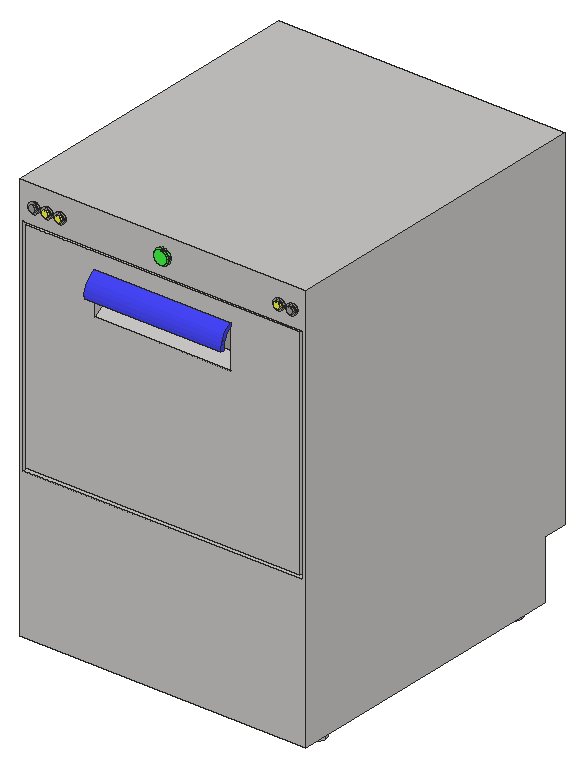
Revit family "QF_ZANUSSI_402277_ZXS", category Specialty Equipment, Revit 2018
Family settings
  Round Connector Dimension = Use Diameter
  Part Type = Normal
  Work Plane-Based = No
  Always vertical = Yes
  Cut with Voids When Loaded = No
  Shared = No
  Room Calculation Point = No
Parameters
  Weight = 33.50 kg
  Watts = 0 W
  Volts = 0 V
  URL Manufacturer = ""
  URL = "http://professional.electrolux.com/"
  Steam Supply Size = 0 mm
  Steam Supply Minimum Pressure = 0.0 Pa
  Steam Supply Maximum Pressure = 0.0 Pa
  Steam Pounds per Hour = 0
  Show Logo [instance] = yes
  Show Clearance [instance] = yes
  Refrigeration Suction Line Size = 0 mm
  Refrigeration Liquid Line Size = 0 mm
  Refrigerant Compressor Remote = yes
  Manufacturer = ""
  Phase = 0
  Model = ""
  Length Actual = 440 mm  # constant formula
  Item Number = ""
  Hot Water Size = 0 mm
  Height Actual = 640 mm  # constant formula
  HP = "3.6 HP"
  Gas Size = 0 mm
  Gas KW = 0
  Gas Input Pressure = 0 W
  Direct Waste Size = 29 mm
  Description = ""
  Depth Actual = 497 mm  # constant formula
  Cycle = 0 Hz
  Condensate Return Size = 0 mm
  Compressed Air Volume = 0.0 L/s
  Compressed Air Size = 0 mm
  Compressed Air Pressure = 0.0 Pa
  Cold Water Size = 0 mm
  Accessory = yes
Types (2, lengths in mm): name | Volts | URL Manufacturer | URL | Manufacturer | Phase | Model | Item Number | Description | Cycle | Cold Water Size
  (no name) | 0 V | "" | "http://professional.electrolux.com/" | "" | 0 | "" | "" | "" | 0 Hz | 0
  Standard | 220 V | "http://professional.electrolux.com" | "http://professional.electrolux.com" | "Electrolux Professional" | 1 | "EXS" | "402272" | "GLASSWASHER(XS), SINGLE SKIN, 30B/H" | 50 Hz | 19.05
Reference planes
  plane 1 "Center (Front/Back)": y = 0
  plane 2: z = 0
  plane 3 "Center (Left/Right)": x = 0
  plane 4 "LEFT": x = -220
  plane 5 "RIGHT": x = 220
  plane 6 "FRONT": y = -248.5
  plane 7 "BACK": y = 248.5
  plane 8: z = 640
  plane 9: z = 10
  plane 10: y = 209.5
Forms (mm)
  Extrusion 1, solid, material "QF_Finishes_Stainless Steel"
    sketch origin (0, 0, 0) x (1, 0, 0) y (0, 1, 0)
      loop
        line (-220, -248.5) -> (220, -248.5) -> (220, 209.5) -> (-220, 209.5) -> (-220, -248.5)
    from 10 to 640
  Extrusion 2, solid, material "QF_Finishes_Stainless Steel"
    sketch origin (0, 0, 0) x (1, 0, 0) y (0, 1, 0)
      loop
        line (-220, 209.5) -> (220, 209.5) -> (220, 248.5) -> (-220, 248.5) -> (-220, 209.5)
    from 100 to 640
  Extrusion 3, solid, material "QF_Finishes_Stainless Steel"
    sketch origin (0, 0, 0) x (1, 0, 0) y (0, 1, 0)
      loop
        circle (-200.5, 174.5) r 12.5
      loop
        circle (200.5, 174.5) r 12.5
      loop
        circle (-200.5, -201.5) r 12.5
      loop
        circle (200.5, -201.5) r 12.5
    from 0 to 10
  Extrusion 4, void
    sketch origin (-220, -248.5, 0) x (-1, 0, 0) y (0, 0, 1)
      loop
        line (-5, 583.217) -> (-435, 583.217) -> (-435, 240) -> (-5, 240) -> (-5, 583.217)
    from 0 to 30
  Extrusion 5, solid, material "QF_Finishes_Stainless Steel"
    sketch origin (-155, -431, 752) x (0, 0, -1) y (1, 0, 0)
      loop
        circle (693, 223) r 10
    from -640.5 to -679.5
  Extrusion 6, solid, material "QF_Door-Drawer Clearances", visible <- "Show Clearance", detail levels coarse
    sketch origin (-230, -282.5, 0) x (0, 1, 0) y (0, 0, -1)
      loop
        line (34, -245) -> (-259, -245)
        arc (-259, -245) -> (-178.223, -469.983) -> (34, -580) r 327.223
        line (34, -580) -> (34, -245)
    from -20 to -440
  Extrusion 7, solid, material "QF_Finishes_Stainless Steel"
    sketch origin (-434.481, -431, 722) x (0, 0, -1) y (1, 0, 0)
      loop
        circle (663, 332.481) r 8
    from -640.5 to -679.5
  Extrusion 8, solid, material "QF_Finishes_Stainless Steel"
    sketch origin (-230, -282.5, 0) x (0, 1, 0) y (0, 0, -1)
      loop
        line (34, -245) -> (34, -580) -> (59, -580) -> (59, -245) -> (34, -245)
    from -19.799 to -440
  Extrusion 9, solid, material "QF_Finishes_Stainless Steel"
    sketch origin (-275, -431, 682.5) x (0, 0, -1) y (1, 0, 0)
      loop
        circle (663, 238) r 8
    from -640.5 to -679.5
  Extrusion 10, solid, material "QF_Finishes_Green"
    sketch origin (-230, -248.5, 0) x (1, 0, 0) y (0, 0, 1)
      loop
        circle (230, 610.819) r 12
      loop
        circle (230, 610.819) r 10
    from 0 to 2.5
  Extrusion 11, void
    sketch origin (-225.452, 209.5, 42.5) x (0, 1, 0) y (0, 0, 1)
      loop
        line (-458, 508.217) -> (-458, 447.5) -> (-436.349, 460) -> (-458, 508.217)
    from 120.452 to 330.452
  Extrusion 12, solid, material "QF_Finishes_Blue"
    sketch origin (-220, 209.5, 0) x (0, -1, 0) y (0, 0, 1)
      loop
        line (458, 555.863) -> (458, 550.513)
        arc (458, 550.513) -> (469.966, 539.801) -> (472.861, 524.005) r 24.803
        line (472.861, 524.005) -> (477.907, 524.005)
        arc (477.907, 524.005) -> (473.605, 543.465) -> (458, 555.863) r 29.803
    from -325 to -115
  Extrusion 13, solid, material "QF_Finishes_Green"
    sketch origin (234, -248.5, -28.75) x (-1, 0, 0) y (0, 0, -1)
      loop
        circle (234, -639.569) r 10
    from 0 to 5
  Extrusion 14, solid, material "QF_Finishes_Gray"
    sketch origin (109.577, -248.5, -30.575) x (-1, 0, 0) y (0, 0, -1)
      loop
        circle (306.936, -638.972) r 5
    from 0 to 5
  Extrusion 15, solid, material "QF_Finishes_Gray"
    sketch origin (-63.82, -248.5, -35.2) x (1, 0, 0) y (0, 0, 1)
      loop
        circle (262.936, 643.347) r 8
      loop
        circle (262.936, 643.347) r 5
      loop
        circle (242.936, 643.347) r 8
      loop
        circle (242.936, 643.347) r 5
    from 0 to 2.5
  Extrusion 16, solid, material "QF_Finishes_Gray"
    sketch origin (-87.82, -248.5, -30.825) x (1, 0, 0) y (0, 0, 1)
      loop
        circle (286.936, 638.972) r 5
    from 0 to 5
  Extrusion 17, solid, material "QF_Finishes_Gray"
    sketch origin (85.577, -248.5, -34.95) x (-1, 0, 0) y (0, 0, -1)
      loop
        circle (262.936, -643.347) r 8
      loop
        circle (262.936, -643.347) r 5
      loop
        circle (242.936, -643.347) r 8
      loop
        circle (242.936, -643.347) r 5
      loop
        circle (282.936, -643.347) r 8
      loop
        circle (282.936, -643.347) r 5
    from 0 to 2.5
  Extrusion 18, solid, material "QF_Finishes_Yellow"
    sketch origin (129.577, -248.5, -30.575) x (-1, 0, 0) y (0, 0, -1)
      loop
        circle (306.936, -638.972) r 5
    from 0 to 5
  Extrusion 19, solid, material "QF_Finishes_Yellow"
    sketch origin (149.577, -248.5, -30.575) x (-1, 0, 0) y (0, 0, -1)
      loop
        circle (306.936, -638.972) r 5
    from 0 to 5
  Extrusion 20, solid, material "QF_Finishes_Yellow"
    sketch origin (486.051, -248.5, -30.825) x (-1, 0, 0) y (0, 0, -1)
      loop
        circle (306.936, -638.972) r 5
    from 0 to 5
Cuts and joins
  Extrusion 4 cuts Extrusion 1
  joined: Extrusion 1, Extrusion 2
  Extrusion 11 cuts Extrusion 8
Lines and regions (mm)
  Split face 1
    outline origin (-220, -248.5, 640) x (0, 0, -1) y (1, 0, 0)
      loop
        line (56.783, 5) -> (56.783, 0)
      loop
        line (56.783, 435) -> (56.783, 440)
      loop
        line (22.034, 440) -> (22.034, 369.297)
        arc (22.034, 369.297) -> (22.64, 366.25) -> (24.366, 363.667) r 7.962
        line (24.366, 363.667) -> (44.289, 343.744)
        arc (44.289, 343.744) -> (46.135, 340.982) -> (46.783, 337.723) r 8.515
        line (46.783, 337.723) -> (46.783, 239.844)
        arc (46.783, 239.844) -> (46.096, 238.186) -> (44.439, 237.5) r 2.344
        line (44.439, 237.5) -> (15.017, 237.5)
        arc (15.017, 237.5) -> (12.73, 236.553) -> (11.783, 234.266) r 3.234
        line (11.783, 234.266) -> (11.783, 220) -> (11.783, 205.734)
        arc (11.783, 205.734) -> (12.73, 203.447) -> (15.017, 202.5) r 3.234
        line (15.017, 202.5) -> (44.439, 202.5)
        arc (44.439, 202.5) -> (46.096, 201.814) -> (46.783, 200.156) r 2.344
        line (46.783, 200.156) -> (46.783, 102.277)
        arc (46.783, 102.277) -> (46.135, 99.018) -> (44.289, 96.256) r 8.515
        line (44.289, 96.256) -> (24.366, 76.333)
        arc (24.366, 76.333) -> (22.64, 73.75) -> (22.034, 70.703) r 7.962
        line (22.034, 70.703) -> (22.034, 0)
  symbolic lines
    curve 1: line (-220, 248.5, 0) -> (220, 248.5, 0)
    curve 2: line (-220, -248.5, 0) -> (-220, 248.5, 0)
    curve 3: line (220, -248.5, 0) -> (-220, -248.5, 0)
    curve 4: line (220, 248.5, 0) -> (220, -248.5, 0)
    curve 8: line (-12, -251, 0) -> (12, -251, 0)
    curve 9: line (12, -251, 0) -> (12, -248.5, 0)
    curve 10: line (-12, -251, 0) -> (-12, -248.5, 0)
    curve 11: line (-10, -253.5, 0) -> (10, -253.5, 0)
    curve 12: line (10, -253.5, 0) -> (10, -251, 0)
    curve 13: line (-10, -253.5, 0) -> (-10, -251, 0)
    curve 16: line (-205.359, -251, 0) -> (-205.359, -248.5, 0)
    curve 17: line (-189.368, -251, 0) -> (-189.368, -248.5, 0)
    curve 18: line (-202.346, -253.5, 0) -> (-192.355, -253.5, 0)
    curve 19: line (-192.355, -253.5, 0) -> (-192.355, -251, 0)
    curve 20: line (-202.346, -253.5, 0) -> (-202.346, -251, 0)
    curve 21: line (-185.355, -251, 0) -> (-169.355, -251, 0)
    curve 22: line (-169.355, -251, 0) -> (-169.355, -248.5, 0)
    curve 23: line (-185.355, -251, 0) -> (-185.355, -248.5, 0)
    curve 24: line (-182.355, -253.5, 0) -> (-172.355, -253.5, 0)
    curve 25: line (-172.355, -253.5, 0) -> (-172.355, -251, 0)
    curve 26: line (-182.355, -253.5, 0) -> (-182.355, -251, 0)
    curve 27: line (-165.355, -251, 0) -> (-149.355, -251, 0)
    curve 28: line (-149.355, -251, 0) -> (-149.355, -248.5, 0)
    curve 29: line (-165.355, -251, 0) -> (-165.355, -248.5, 0)
    curve 30: line (-162.355, -253.5, 0) -> (-152.355, -253.5, 0)
    curve 31: line (-152.355, -253.5, 0) -> (-152.355, -251, 0)
    curve 32: line (-162.355, -253.5, 0) -> (-162.355, -251, 0)
    curve 33: line (171.115, -251, 0) -> (187.115, -251, 0)
    curve 34: line (187.115, -251, 0) -> (187.115, -248.5, 0)
    curve 35: line (174.115, -253.5, 0) -> (184.115, -253.5, 0)
    curve 36: line (184.115, -253.5, 0) -> (184.115, -251, 0)
    curve 37: line (174.115, -253.5, 0) -> (174.115, -251, 0)
    curve 38: line (171.115, -251, 0) -> (171.115, -248.5, 0)
    curve 39: line (191.115, -251, 0) -> (207.115, -251, 0)
    curve 40: line (207.115, -251, 0) -> (207.115, -248.5, 0)
    curve 41: line (194.115, -253.5, 0) -> (204.115, -253.5, 0)
    curve 42: line (204.115, -253.5, 0) -> (204.115, -251, 0)
    curve 43: line (194.115, -253.5, 0) -> (194.115, -251, 0)
    curve 44: line (191.115, -251, 0) -> (191.115, -248.5, 0)
    curve 45: line (-105, -248.5, 0) -> (-105, -268.634, 0)
    curve 46: line (105, -248.5, 0) -> (105, -268.634, 0)
    curve 47: line (105, -268.634, 0) -> (-105, -268.634, 0)
  symbolic lines, style "QF_Door-Drawer Clearances"
    curve 5: line (-210, -541.5, 0) -> (210, -541.5, 0)
    curve 6: line (210, -541.5, 0) -> (210, -248.5, 0)
    curve 7: line (-210, -541.5, 0) -> (-210, -248.5, 0)
  symbolic lines, style "SpecialityEquipmentHiddenLines"
    curve 14: line (-220, 209.5, 0) -> (220, 209.5, 0)
  symbolic lines, style "SpecialityEquipment"
    curve 15: line (-205.359, -251, 0) -> (-189.368, -251, 0)
Dimensions and locks
  equal spacing: plane 4 "LEFT", plane 3 "Center (Left/Right)", plane 5 "RIGHT"
  equal spacing: plane 7 "BACK", plane 1 "Center (Front/Back)", plane 6 "FRONT"
  plane 7 "BACK" to plane 6 "FRONT" = 497 mm
  plane 4 "LEFT" to plane 5 "RIGHT" = 440 mm
  locked: plane 9 to level at 10
  plane 4 "LEFT" to plane 3 "Center (Left/Right)" = 220 mm
  plane 8 to level = 640 mm  (x2)
  level to Extrusion 9 sketch curve = 19.5 mm
  Extrusion 9 sketch curve to plane 4 "LEFT" = 183 mm
  level to Extrusion 5 sketch curve = 59 mm
  Extrusion 5 sketch curve to plane 4 "LEFT" = 288 mm
  Extrusion 7 sketch curve to plane 4 "LEFT" = 118 mm
  level to Extrusion 7 sketch curve = 59 mm
  Extrusion 3 to cut or joined group of Extrusion 1, Extrusion 2, Extrusion 4 = 74 mm
  Extrusion 3 to Extrusion 3 = 376 mm
  plane 6 "FRONT" to Extrusion 3 = 47 mm
  plane 1 "Center (Front/Back)" to plane 6 "FRONT" = 248.5 mm
  locked: plane 7 "BACK" to plane 10 at 39
  plane 6 "FRONT" to curve 5 = 293 mm
  Extrusion 8 to cut or joined group of Extrusion 1, Extrusion 2, Extrusion 4 = 340 mm
  aligned and locked: level to plane 2
  aligned and locked: Extrusion 1 sketch curve to plane 6 "FRONT"
  aligned and locked: Extrusion 1 sketch curve to plane 4 "LEFT"
  aligned and locked: plane 5 "RIGHT" to Extrusion 1 sketch curve
  aligned and locked: Extrusion 1 to plane 9
  aligned and locked: Extrusion 2 sketch curve to Extrusion 1
  aligned and locked: plane 7 "BACK" to Extrusion 2 sketch curve
  aligned and locked: plane 5 "RIGHT" to Extrusion 2 sketch curve
  aligned and locked: plane 9 to Extrusion 3
  aligned and locked: cut or joined group of Extrusion 1, Extrusion 2, Extrusion 4 to plane 10
Automatic sketch dimensions
  Extrusion 11 sketch curve to plane 6 "FRONT" = 0 mm
  plane 6 "FRONT" to Extrusion 11 sketch curve = 21.651 mm
  Extrusion 11 sketch curve to plane 8 = 150 mm
  Extrusion 11 sketch curve to Extrusion 11 sketch curve = 12.5 mm
  Extrusion 11 sketch curve to Extrusion 11 sketch curve = 48.217 mm
  Extrusion 13 sketch curve to Extrusion 13 sketch curve = 0 mm  (x2)
  Extrusion 13 sketch curve to plane 3 "Center (Left/Right)" = 0 mm
  Extrusion 13 sketch curve to plane 8 = 29.181 mm
  plane 3 "Center (Left/Right)" to Extrusion 13 sketch curve = 10 mm
  Extrusion 14 sketch curve to Extrusion 14 sketch curve = 0 mm  (x2)
  Extrusion 14 sketch curve to plane 8 = 31.603 mm
  Extrusion 14 sketch curve to plane 3 "Center (Left/Right)" = 197.359 mm
  Extrusion 14 sketch curve to Extrusion 14 sketch curve = 5 mm
  Extrusion 15 sketch curve to Extrusion 15 sketch curve = 0 mm  (x5)
  plane 3 "Center (Left/Right)" to Extrusion 15 sketch curve = 179.115 mm
  Extrusion 15 sketch curve to Extrusion 15 sketch curve = 20 mm
  Extrusion 15 sketch curve to plane 8 = 31.853 mm
  Extrusion 16 sketch curve to plane 8 = 31.853 mm
  plane 3 "Center (Left/Right)" to Extrusion 16 sketch curve = 199.115 mm
  Extrusion 16 sketch curve to Extrusion 16 sketch curve = 5 mm
  Extrusion 17 sketch curve to Extrusion 17 sketch curve = 0 mm  (x8)
  Extrusion 17 sketch curve to plane 3 "Center (Left/Right)" = 157.359 mm
  Extrusion 17 sketch curve to Extrusion 17 sketch curve = 20 mm  (x2)
  Extrusion 17 sketch curve to plane 8 = 31.603 mm
  Extrusion 18 sketch curve to Extrusion 18 sketch curve = 0 mm  (x2)
  Extrusion 18 sketch curve to plane 8 = 31.603 mm
  Extrusion 18 sketch curve to plane 3 "Center (Left/Right)" = 177.359 mm
  Extrusion 18 sketch curve to Extrusion 18 sketch curve = 5 mm
  Extrusion 19 sketch curve to Extrusion 19 sketch curve = 0 mm  (x2)
  Extrusion 19 sketch curve to plane 3 "Center (Left/Right)" = 157.359 mm
  Extrusion 19 sketch curve to plane 8 = 31.603 mm
  Extrusion 19 sketch curve to Extrusion 19 sketch curve = 5 mm
  Extrusion 20 sketch curve to Extrusion 20 sketch curve = 0 mm  (x2)
  plane 3 "Center (Left/Right)" to Extrusion 20 sketch curve = 179.115 mm
  Extrusion 20 sketch curve to plane 8 = 31.853 mm
  Extrusion 20 sketch curve to Extrusion 20 sketch curve = 5 mm
  Extrusion 6 sketch curve to plane 6 "FRONT" = 0 mm
  Extrusion 6 sketch curve to plane 6 "FRONT" = 293 mm
  plane 6 "FRONT" to Extrusion 6 sketch curve = 34.083 mm
  Extrusion 6 sketch curve to plane 8 = 60 mm
  level to Extrusion 6 sketch curve = 254.557 mm
  Extrusion 1 sketch curve to plane 10 = 0 mm
  Extrusion 2 sketch curve to plane 10 = 0 mm
  plane 4 "LEFT" to Extrusion 3 sketch curve = 19.5 mm  (x2)
  Extrusion 3 sketch curve to plane 5 "RIGHT" = 19.5 mm  (x2)
  plane 6 "FRONT" to Extrusion 3 sketch curve = 47 mm  (x2)
  Extrusion 3 sketch curve to plane 10 = 35 mm  (x2)
  Extrusion 4 sketch curve to Extrusion 1 = 5 mm  (x2)
  Extrusion 4 sketch curve to Extrusion 1 = 230 mm
  Extrusion 4 sketch curve to Extrusion 1 = 56.783 mm
  Extrusion 8 sketch curve to plane 6 "FRONT" = 0 mm
  Extrusion 8 sketch curve to Extrusion 8 sketch curve = 25 mm
  Extrusion 8 sketch curve to plane 8 = 60 mm
  plane 9 to Extrusion 8 sketch curve = 235 mm
  Extrusion 10 sketch curve to Extrusion 10 sketch curve = 0 mm  (x2)
  Extrusion 1 to Extrusion 10 sketch curve = 29.181 mm
  Extrusion 1 to Extrusion 10 sketch curve = 220 mm
  Extrusion 12 sketch curve to Extrusion 12 sketch curve = 0 mm  (x2)
  Extrusion 12 sketch curve to Extrusion 1 = 0 mm
  Extrusion 12 sketch curve to Extrusion 1 = 9.669 mm
  Extrusion 1 to Extrusion 12 sketch curve = 14.861 mm
  Extrusion 12 sketch curve to Extrusion 12 sketch curve = 5.046 mm
  Extrusion 1 to Extrusion 12 sketch curve = 115.995 mm
  Extrusion 12 sketch curve to Extrusion 12 sketch curve = 3.668 mm
  cut or joined group of Extrusion 1, Extrusion 2, Extrusion 4 to Split face 1 sketch curve = 0 mm  (x2)
  Split face 1 sketch curve to cut or joined group of Extrusion 1, Extrusion 2, Extrusion 4 = 0 mm  (x6)
  cut or joined group of Extrusion 1, Extrusion 2, Extrusion 4 to Split face 1 sketch curve = 10 mm  (x2)
  Split face 1 sketch curve to Split face 1 sketch curve = 2.344 mm  (x2)
  Split face 1 sketch curve to Split face 1 sketch curve = 2.494 mm  (x2)
  Split face 1 sketch curve to Split face 1 sketch curve = 8.515 mm  (x2)
  cut or joined group of Extrusion 1, Extrusion 2, Extrusion 4 to Split face 1 sketch curve = 26.786 mm  (x2)
  Split face 1 sketch curve to Split face 1 sketch curve = 5.63 mm  (x2)
  Split face 1 sketch curve to Split face 1 sketch curve = 2.332 mm  (x2)
  Split face 1 sketch curve to cut or joined group of Extrusion 1, Extrusion 2, Extrusion 4 = 15.017 mm  (x2)
  Split face 1 sketch curve to cut or joined group of Extrusion 1, Extrusion 2, Extrusion 4 = 11.783 mm
  Split face 1 sketch curve to cut or joined group of Extrusion 1, Extrusion 2, Extrusion 4 = 65.703 mm
  Split face 1 sketch curve to Split face 1 sketch curve = 19.923 mm  (x2)
  Split face 1 sketch curve to Split face 1 sketch curve = 97.879 mm
  Split face 1 sketch curve to Split face 1 sketch curve = 14.266 mm  (x2)
  Split face 1 sketch curve to cut or joined group of Extrusion 1, Extrusion 2, Extrusion 4 = 97.277 mm
  curve 1 to plane 4 "LEFT" = 0 mm
  curve 7 to plane 6 "FRONT" = 0 mm
  curve 3 to plane 5 "RIGHT" = 0 mm
  curve 14 to plane 10 = 0 mm
  curve 2 to plane 7 "BACK" = 0 mm
  plane 4 "LEFT" to curve 5 = 10 mm
  curve 15 to plane 6 "FRONT" = 2.5 mm
  curve 7 to curve 15 = 4.641 mm
  curve 15 to curve 20 = 3.013 mm
  curve 18 to curve 18 = 9.991 mm
  curve 19 to curve 15 = 2.987 mm
  curve 15 to curve 21 = 4.013 mm
  curve 21 to curve 26 = 3 mm
  curve 24 to plane 6 "FRONT" = 5 mm
  curve 24 to curve 24 = 10 mm
  curve 25 to curve 22 = 3 mm
  curve 21 to curve 29 = 4 mm
  curve 27 to curve 32 = 3 mm
  curve 31 to plane 6 "FRONT" = 5 mm
  curve 30 to curve 31 = 10 mm
  curve 31 to curve 27 = 3 mm
  curve 8 to plane 6 "FRONT" = 2.5 mm
  curve 8 to plane 3 "Center (Left/Right)" = 12 mm
  curve 8 to curve 11 = 2 mm
  plane 3 "Center (Left/Right)" to curve 12 = 10 mm
  curve 12 to curve 9 = 2 mm
  curve 33 to plane 6 "FRONT" = 2.5 mm
  curve 33 to plane 5 "RIGHT" = 48.885 mm
  curve 33 to curve 37 = 3 mm
  curve 35 to plane 6 "FRONT" = 5 mm
  curve 35 to curve 35 = 10 mm
  curve 36 to curve 34 = 3 mm
  curve 33 to curve 39 = 4 mm
  curve 39 to curve 43 = 3 mm
  curve 42 to plane 6 "FRONT" = 5 mm
  curve 41 to curve 42 = 10 mm
  curve 42 to curve 39 = 3 mm
  curve 6 to plane 5 "RIGHT" = 10 mm
  curve 11 to curve 13 = 2.5 mm
  curve 20 to curve 20 = 2.5 mm
  curve 44 to plane 6 "FRONT" = 2.5 mm
  curve 21 to plane 6 "FRONT" = 2.5 mm
  curve 27 to plane 6 "FRONT" = 2.5 mm
  curve 27 to curve 45 = 44.355 mm
  curve 46 to plane 6 "FRONT" = 20.134 mm
  curve 46 to curve 33 = 66.115 mm
  radius of Extrusion 5 sketch curve = 10 mm
  radius of Extrusion 7 sketch curve = 8 mm
  radius of Extrusion 9 sketch curve = 8 mm
  radius of Extrusion 15 sketch curve = 8 mm  (x2)
  radius of Extrusion 15 sketch curve = 5 mm  (x2)
  radius of Extrusion 17 sketch curve = 8 mm  (x3)
  radius of Extrusion 17 sketch curve = 5 mm  (x3)
  radius of Extrusion 3 sketch curve = 12.5 mm  (x4)
  radius of Extrusion 10 sketch curve = 12 mm
  radius of Extrusion 10 sketch curve = 10 mm
Connectors
  piping at (68, 248.5, 59), diameter 20
    settings: on Extrusion 5, index 1, connector inside diameter 609.6 mm, connector length 0 mm, flow factor 0, pipe flow 0.0 L/s, pressure drop 0.0 Pa, fitting loss kfactor 0, connector angle 0.00°, fixture units 0, engagement length 0 mm, angle of deflection 0.00°, flow configuration 1, flow direction 1, fitting loss method 0, system type 16, joint type 0, gender type 0, connector reference index -1, connector utility 0, adjustable connector no, is connector primary yes, connector description "Drain"
  piping at (-102, 248.5, 59), driven by "Cold Water Size"
    settings: on Extrusion 7, index 3, connector diameter 0 mm, connector inside diameter 609.6 mm, connector length 0 mm, flow factor 0, pipe flow 0.0 L/s, pressure drop 0.0 Pa, fitting loss kfactor 0, connector angle 0.00°, fixture units 0, engagement length 0 mm, angle of deflection 0.00°, flow configuration 1, flow direction 1, fitting loss method 0, system type 20, joint type 0, gender type 0, connector reference index -1, connector utility 0, adjustable connector no, is connector primary no, connector description "Cold Water Inlet"
  electrical at (-37, 248.5, 19.5), driven by "Volts"
    settings: on Extrusion 9, index 4, voltage 0 V, apparent load 0 VA, apparent load phase1 0 VA, apparent load phase2 0 VA, apparent load phase3 0 VA, power factor 1, load classification "Altro", number of poles 1, system type 31, power factor state 1, is connector primary yes, connector utility no, sub classification motor no, connector description "Electrical Connection"
